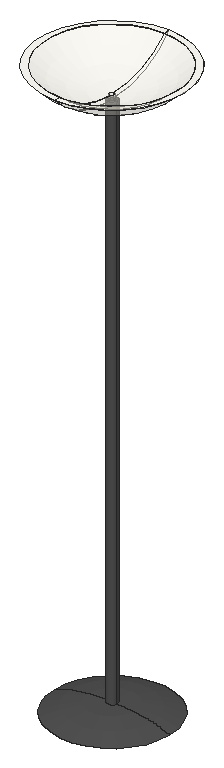
Revit family
Parameters (values of type "1525mm 100 와트 할로겐")
  Wattage = 100 W
  built-in parameter 1150110 = 1 (stored number, unit not read)
  built-in parameter 1114217 = 1 (stored number, unit not read)
  built-in parameter 1150109 = 1 (stored number, unit not read)
  built-in parameter 1150134 = 3
  built-in parameter 1150113 = 1 (stored number, unit not read)
  음영처리 = 유리 - 젖빛
  스탠드 = 금속 - 크롬
  Lumens = 1750 lm
  built-in parameter 1150115 = 1 (stored number, unit not read)
  built-in parameter 1150105 = 139.26 (stored number, unit not read)
  Light Source Symbol Size = 609.60 mm
  built-in parameter 1150137 = (empty or 0)
  built-in parameter 1150139 = (empty or 0)
  built-in parameter 1150112 = 1 (stored number, unit not read)
  built-in parameter 1150114 = 1 (stored number, unit not read)
  Lamp = "T-4"
  built-in parameter 1150132 = (empty or 0)
  built-in parameter 1150102 = (empty or 0)
  built-in parameter 1150138 = (empty or 0)
  built-in parameter 1150107 = 3200 (stored number, unit not read)
  built-in parameter 1150106 = 1.3926 (stored number, unit not read)
  높이 = 1525.00 mm
  built-in parameter 1150104 = 1.6258 (stored number, unit not read)
  Dimming Lamp Color Temperature Shift = (empty or 0)
  Color Filter = 16777215
  built-in parameter 1114218 = 1 (stored number, unit not read)
  built-in parameter 1150133 = 10 (stored number, unit not read)
Reference planes
  plane 1 "광원 축": y = 0
  plane 2: z = 0
  plane 3 "광원 축": x = 0
  plane 4: z = 1444.376
  plane 5: z = 1525
  plane 6: z = 1457.076
  plane 7 "광원 레벨": z = 1495.176
Forms (mm)
  Revolve 1, solid, material "금속 - 크롬" <- "스탠드"
    sketch origin (0, 0, 0) x (0, 1, 0) y (0, 0, 1)
      loop
        line (6.35, 0) -> (152.4, 0)
        arc (152.4, 0) -> (83.837, 19.464) -> (12.7, 23.856) r 332.204
        line (12.7, 23.856) -> (12.7, 1444.376) -> (6.35, 1444.376) -> (6.35, 0)
      axis (0, 0) -> (0, 1444.376)
    angle from -90 to 270
  Revolve 2, solid, material "유리 - 젖빛" <- "음영처리"
    sketch origin (0, 0, 0) x (0, 1, 0) y (0, 0, 1)
      loop
        arc (12.7, 1444.376) -> (109.391, 1466.662) -> (189.657, 1525) r 248.525
        line (189.657, 1525) -> (171.915, 1525)
        arc (171.915, 1525) -> (95.828, 1474.717) -> (6.35, 1457.076) r 235.744
        line (6.35, 1457.076) -> (6.35, 1444.376) -> (12.7, 1444.376)
      axis (0, 1525) -> (0, 1444.376)
    angle from 0 to 360
Lines and regions (mm)
  Masking region 1
    outline origin (0, 0, 0) x (1, 0, 0) y (0, 1, 0)
      loop
        circle (0, 0) r 189.657
  symbolic lines
    curve 1: arc (175, 0, 0) -> (0, 175, 0) -> (-175, 0, 0) r 175
    curve 2: arc (-175, 0, 0) -> (0, -175, 0) -> (175, 0, 0) r 175
    curve 3: arc (15, 0, 0) -> (0, 15, 0) -> (-15, 0, 0) r 15
    curve 4: arc (-15, 0, 0) -> (0, -15, 0) -> (15, 0, 0) r 15
Dimensions and locks
  "높이": plane 5 to level
  locked: plane 4 to plane 5 at 80.624
  locked: plane 6 to plane 5 at 67.924
  locked: plane 7 "광원 레벨" to plane 5 at 29.824
  aligned and locked: level to Revolve 1 sketch curve  (x2)
  aligned and locked: Revolve 1 sketch curve to plane 1 "광원 축"  (x2)
  aligned and locked: Revolve 1 sketch curve to level
  aligned and locked: Masking region 1 sketch curve to Revolve 2
  aligned and locked: plane 3 "광원 축" to imposter light
  aligned and locked: plane 1 "광원 축" to imposter light
  aligned and locked: plane 7 "광원 레벨" to imposter light
Automatic sketch dimensions
  curve 1 to plane 1 "광원 축" = 0.00 mm
  curve 1 to plane 3 "광원 축" = 0.00 mm
  curve 1 to plane 3 "광원 축" = 175.00 mm
  curve 3 to plane 1 "광원 축" = 0.00 mm
  curve 3 to plane 3 "광원 축" = 0.00 mm
  curve 3 to plane 3 "광원 축" = 15.00 mm
  Revolve 1 sketch curve to plane 4 = 0.00 mm
  Revolve 1 sketch curve to plane 1 "광원 축" = 6.35 mm
  Revolve 1 sketch curve to Revolve 1 sketch curve = 6.35 mm
  Revolve 1 sketch curve to plane 1 "광원 축" = 27.917 mm
  Revolve 1 sketch curve to Revolve 1 sketch curve = 139.70 mm
  Revolve 1 sketch curve to level = 308.00 mm
  Revolve 1 sketch curve to plane 5 = 279.40 mm
  Revolve 2 sketch curve to plane 1 "광원 축" = 0.00 mm
  Revolve 2 sketch curve to plane 4 = 0.00 mm
  Revolve 2 sketch curve to plane 6 = 0.00 mm
  Revolve 2 sketch curve to plane 5 = 0.00 mm
  Revolve 2 sketch curve to plane 1 "광원 축" = 6.35 mm
  Revolve 2 sketch curve to Revolve 2 sketch curve = 0.00 mm
  Revolve 2 sketch curve to Revolve 2 sketch curve = 6.35 mm
  Revolve 2 sketch curve to plane 1 "광원 축" = 171.915 mm
  Revolve 2 sketch curve to Revolve 2 sketch curve = 17.741 mm
  plane 4 to Revolve 2 sketch curve = 46.376 mm
  Revolve 2 sketch curve to Revolve 2 sketch curve = 15.419 mm
